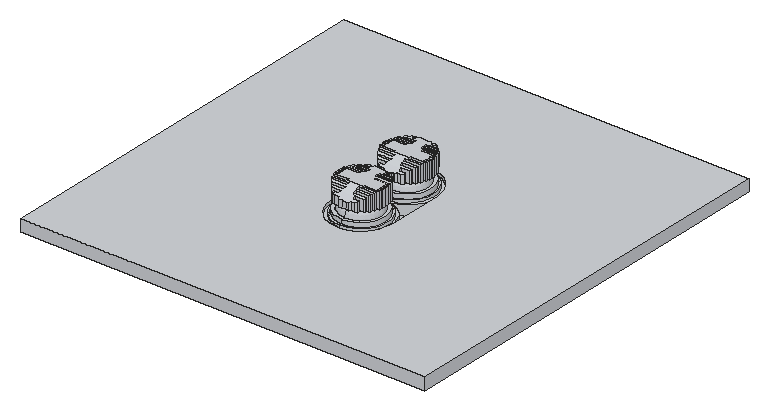
Revit family "Quinta-C100-Round-Double", category Lighting Fixtures, Revit 2014
Parameters (values of type "Quinta C100 Round Double")
  Wattage Comments = "8.3 (each)"
  Wattage = 8.3 W
  built-in parameter 1150110 = 1 (stored number, unit not read)
  Type Comments = "Recessed"
  Type = "Recessed Downlighter"
  built-in parameter 1114217 = 1 (stored number, unit not read)
  built-in parameter 1150109 = 1 (stored number, unit not read)
  built-in parameter 1150134 = (empty or 0)
  built-in parameter 1150113 = 1 (stored number, unit not read)
  Light Source Symbol Size = 609.6 mm
  Dimension (mm) = "186 x 100"
  Model = "Quinta C100 Round Double"
  Manufacturer = "Designed Architectural Lighting"
  Luminous flux of luminaire (lm) = "Up to 1051 lumens (each)"
  Lumens = 1049.95 lm
  built-in parameter 1150115 = 1 (stored number, unit not read)
  built-in parameter 1150105 = 334.21 (stored number, unit not read)
  built-in parameter 1150137 = (empty or 0)
  built-in parameter 1150139 = (empty or 0)
  built-in parameter 1150112 = 1 (stored number, unit not read)
  built-in parameter 1150114 = 1 (stored number, unit not read)
  Lamp = "LED"
  built-in parameter 1150132 = (empty or 0)
  built-in parameter 1150102 = (empty or 0)
  built-in parameter 1150138 = (empty or 0)
  built-in parameter 1150107 = 3000 (stored number, unit not read)
  built-in parameter 1150106 = 3.3421 (stored number, unit not read)
  Height (mm) = "67"
  built-in parameter 1150104 = 11.752 (stored number, unit not read)
  Dimming Lamp Color Temperature Shift = <None>
  Description = "Recessed directional LED downlighter"
  Colour temperature (K) = "2700 / 3000 / 4000"
  Color Filter = 16777215
  CRI = "80"
  built-in parameter 1114218 = 1 (stored number, unit not read)
  built-in parameter 1150133 = 10 (stored number, unit not read)
  Apparent Load = 8.3 VA
Reference planes
  plane 1 "Light Source Axis (F/B)": y = 0
  plane 2: z = 0
  plane 3 "Light Source Axis (L/R)": x = 0
  plane 4 "Light Source Elevation": z = 0
Forms (mm)
  Extrusion 1, solid
    sketch origin (-38.915, -66.181, 0) x (1, 0, 0) y (0, 1, 0)
      loop
        line (-261.085, 366.181) -> (-261.085, -233.819) -> (338.915, -233.819) -> (338.915, 366.181) -> (-261.085, 366.181)
      loop
        arc (-6.085, 23.681) -> (38.915, -21.319) -> (83.915, 23.681) r 45
        line (83.915, 23.681) -> (83.915, 108.681)
        arc (83.915, 108.681) -> (38.915, 153.681) -> (-6.085, 108.681) r 45
        line (-6.085, 108.681) -> (-6.085, 23.681)
    from 0 to 18
  Revolve 2, solid
    sketch origin (0, 42.615, 9.851) x (0, 1, 0) y (0, 0, 1)
      loop
        line (23.648, 29.403) -> (23.648, 5.332) -> (22.618, 4.737) -> (22.618, 1.504) -> (20.518, 1.504) -> (20.518, -0.401) -> (25.518, -0.401)
        arc (25.518, -0.401) -> (26.254, -0.22) -> (26.779, 0.327) r 1.359
        arc (26.779, 0.327) -> (29.626, 15.34) -> (23.648, 29.403) r 26.302
      loop
        arc (6.307, 31.652) -> (13.745, 17.066) -> (19.647, 1.795) r 159.428
        line (19.647, 1.795) -> (22.351, 1.795) -> (22.351, 3.53) -> (20.518, 3.53)
        arc (20.518, 3.53) -> (19.971, 3.756) -> (19.745, 4.303) r 0.773
        arc (19.745, 4.303) -> (14.543, 18.233) -> (8.136, 31.652) r 168.987
        line (8.136, 31.652) -> (6.307, 31.652)
      axis (0, 31.652) -> (0, -0.401)
    angle from 0 to 360
  Revolve 3, solid
    sketch origin (0, 44.177, 2.039) x (0, 1, 0) y (0, 0, 1)
      loop
        line (32.277, -4.238) -> (32.277, -1.562) -> (42.195, -1.563) -> (42.195, 13.144) -> (37.99, 13.144) -> (37.99, 16.902) -> (35.753, 16.902) -> (35.753, 15.244) -> (33.991, 15.244) -> (33.991, 22.55) -> (28.991, 22.55) -> (28.991, 12.55) -> (27.463, 12.55)
        arc (27.463, 12.55) -> (30.836, 4.433) -> (32.277, -4.238) r 38.453
      axis (-1.25, 22.55) -> (-1.25, -4.238)
    angle from 0 to 360
  Revolve 4, solid
    sketch origin (0, 42.615, 24.226) x (0, 1, 0) y (0, 0, 1)
      loop
        line (0, 17.258) -> (15, 17.258) -> (15, 20.342) -> (0, 20.342) -> (0, 17.258)
      axis (0, 20.342) -> (0, 17.258)
    angle from 0 to 360
  Extrusion 5, solid
    sketch origin (-134.655, 42.615, 0) x (1, 0, 0) y (0, 1, 0)
      loop
        line (137.741, 33.016) -> (133.896, 33.016) -> (128.121, 33.016) -> (126.853, 31.748) -> (121.853, 31.748) -> (117.155, 30.037) -> (117.155, 29.216) -> (124.321, 29.216) -> (124.321, 26.255) -> (112.585, 26.255) -> (110.97, 24.64) -> (110.97, 23.63) -> (128.13, 23.63) -> (128.13, 20.669) -> (107.74, 20.669) -> (106.495, 19.424) -> (106.495, 18.381) -> (128.13, 18.381) -> (128.13, 15.488) -> (104.981, 15.488) -> (104.106, 15.488) -> (104.106, 12.46) -> (123.689, 12.46) -> (123.689, 9.633) -> (102.761, 9.633) -> (101.818, 9.633) -> (101.818, 7.413) -> (106.495, 7.413) -> (106.495, 4.25) -> (100.944, 4.25) -> (100.944, 1.424) -> (105.944, 1.424) -> (105.944, -1.604) -> (100.944, -1.604) -> (100.944, -3.997) -> (105.944, -3.997) -> (105.944, -7.272) -> (101.818, -7.272) -> (101.818, -9.508) -> (123.689, -9.508) -> (123.689, -13.008) -> (104.106, -13.008) -> (104.106, -15.296) -> (128.13, -15.296) -> (128.13, -18.189) -> (106.495, -18.189) -> (106.495, -19.23) -> (108.15, -20.885) -> (128.13, -20.885) -> (128.13, -23.693) -> (110.958, -23.693) -> (110.958, -24.678) -> (112.459, -26.178) -> (125.077, -26.178) -> (125.077, -29.146) -> (117.128, -29.146) -> (117.128, -30.167) -> (120.985, -31.965) -> (127.151, -31.965) -> (128.408, -33.223) -> (132.466, -33.223) -> (139.171, -33.223) -> (143.228, -33.223) -> (144.486, -31.965) -> (150.652, -31.965) -> (154.509, -30.167) -> (154.509, -29.146) -> (146.56, -29.146) -> (146.56, -26.178) -> (159.178, -26.178) -> (160.679, -24.678) -> (160.679, -23.693) -> (143.507, -23.693) -> (143.507, -20.885) -> (163.487, -20.885) -> (165.142, -19.23) -> (165.142, -18.189) -> (143.507, -18.189) -> (143.507, -15.296) -> (167.53, -15.296) -> (167.53, -13.008) -> (147.948, -13.008) -> (147.948, -9.508) -> (169.818, -9.508) -> (169.818, -7.272) -> (165.693, -7.272) -> (165.693, -3.997) -> (170.693, -3.997) -> (170.693, -1.604) -> (165.693, -1.604) -> (165.693, 1.424) -> (170.693, 1.424) -> (170.693, 4.25) -> (165.142, 4.25) -> (165.142, 7.413) -> (169.818, 7.413) -> (169.818, 9.633) -> (168.876, 9.633) -> (147.948, 9.633) -> (147.948, 12.46) -> (167.53, 12.46) -> (167.53, 15.488) -> (166.656, 15.488) -> (143.507, 15.488) -> (143.507, 18.381) -> (165.142, 18.381) -> (165.142, 19.424) -> (163.897, 20.669) -> (143.507, 20.669) -> (143.507, 23.63) -> (160.667, 23.63) -> (160.667, 24.64) -> (159.052, 26.255) -> (147.316, 26.255) -> (147.316, 29.216) -> (154.482, 29.216) -> (154.482, 30.037) -> (149.784, 31.748) -> (144.784, 31.748) -> (143.515, 33.016) -> (137.741, 33.016)
    from 38.778 to 62.945
  Extrusion 6, void
    sketch origin (0, 42.615, 0.164) x (0, 1, 0) y (0, 0, 1)
      loop
        line (-1.593, 64.492) -> (-1.593, 65.51) -> (-35.799, 65.51) -> (-35.799, 45.51)
        arc (-35.799, 45.51) -> (-20.941, 59.046) -> (-1.593, 64.492) r 43.666
    from -36.333 to 39.554
  Extrusion 7, void
    sketch origin (0, 42.615, 0.476) x (0, 1, 0) y (0, 0, 1)
      loop
        line (33.846, 38.172) -> (33.846, 50.633) -> (31.273, 49.433)
        arc (31.273, 49.433) -> (28.183, 45.18) -> (23.183, 43.555) r 8.507
        line (23.183, 43.555) -> (15.488, 43.555) -> (15.488, 38.172) -> (33.846, 38.172)
    from -36.333 to 36.038
  Extrusion 8, solid
    sketch origin (0, 42.615, 0) x (1, 0, 0) y (0, 1, 0)
      loop
        line (20.92, 1.153) -> (20.92, -1.157) -> (23.774, -1.157) -> (23.774, 1.153) -> (20.92, 1.153)
    from 7.008 to 8.974
  Extrusion 9, solid
    sketch origin (-54.673, 42.615, 0) x (1, 0, 0) y (0, 1, 0)
      loop
        line (30.708, 1.153) -> (30.708, -1.157) -> (33.799, -1.157) -> (33.799, 1.153) -> (30.708, 1.153)
    from 7.008 to 8.974
  Extrusion 10, solid
    sketch origin (0, 42.927, 0) x (1, 0, 0) y (0, 1, 0)
      loop
        line (-50.099, -65.861) -> (-50.099, -85.626)
        arc (-50.099, -85.626) -> (-0.099, -135.626) -> (49.901, -85.626) r 50
        line (49.901, -85.626) -> (49.901, -5.861) -> (49.901, -0.603)
        arc (49.901, -0.603) -> (-0.099, 49.397) -> (-50.099, -0.603) r 50
        line (-50.099, -0.603) -> (-50.099, -5.861) -> (-50.099, -65.861)
      loop
        circle (0, 0.072) r 34
      loop
        circle (0, -85.584) r 33.539
    from 0 to -2.675
  Revolve 11, solid
    sketch origin (0, -43.01, 9.851) x (0, 1, 0) y (0, 0, 1)
      loop
        line (23.648, 29.403) -> (23.648, 5.332) -> (22.618, 4.737) -> (22.618, 1.504) -> (20.518, 1.504) -> (20.518, -0.401) -> (25.518, -0.401)
        arc (25.518, -0.401) -> (26.254, -0.22) -> (26.779, 0.327) r 1.359
        arc (26.779, 0.327) -> (29.626, 15.34) -> (23.648, 29.403) r 26.302
      loop
        arc (6.307, 31.652) -> (13.745, 17.066) -> (19.647, 1.795) r 159.428
        line (19.647, 1.795) -> (22.351, 1.795) -> (22.351, 3.53) -> (20.518, 3.53)
        arc (20.518, 3.53) -> (19.971, 3.756) -> (19.745, 4.303) r 0.773
        arc (19.745, 4.303) -> (14.543, 18.233) -> (8.136, 31.652) r 168.987
        line (8.136, 31.652) -> (6.307, 31.652)
      axis (0, 31.652) -> (0, -0.401)
    angle from 0 to 360
  Revolve 12, solid
    sketch origin (0, -41.448, 2.039) x (0, 1, 0) y (0, 0, 1)
      loop
        line (32.277, -4.238) -> (32.277, -1.562) -> (42.195, -1.563) -> (42.195, 13.144) -> (37.99, 13.144) -> (37.99, 16.902) -> (35.753, 16.902) -> (35.753, 15.244) -> (33.991, 15.244) -> (33.991, 22.55) -> (28.991, 22.55) -> (28.991, 12.55) -> (27.463, 12.55)
        arc (27.463, 12.55) -> (30.836, 4.433) -> (32.277, -4.238) r 38.453
      axis (-1.25, 22.55) -> (-1.25, -4.238)
    angle from 0 to 360
  Revolve 13, solid
    sketch origin (0, -43.01, 24.226) x (0, 1, 0) y (0, 0, 1)
      loop
        line (0, 17.258) -> (15, 17.258) -> (15, 20.342) -> (0, 20.342) -> (0, 17.258)
      axis (0, 20.342) -> (0, 17.258)
    angle from 0 to 360
  Extrusion 14, solid
    sketch origin (-134.655, -43.01, 0) x (1, 0, 0) y (0, 1, 0)
      loop
        line (137.741, 33.016) -> (133.896, 33.016) -> (128.121, 33.016) -> (126.853, 31.748) -> (121.853, 31.748) -> (117.155, 30.037) -> (117.155, 29.216) -> (124.321, 29.216) -> (124.321, 26.255) -> (112.585, 26.255) -> (110.97, 24.64) -> (110.97, 23.63) -> (128.13, 23.63) -> (128.13, 20.669) -> (107.74, 20.669) -> (106.495, 19.424) -> (106.495, 18.381) -> (128.13, 18.381) -> (128.13, 15.488) -> (104.981, 15.488) -> (104.106, 15.488) -> (104.106, 12.46) -> (123.689, 12.46) -> (123.689, 9.633) -> (102.761, 9.633) -> (101.818, 9.633) -> (101.818, 7.413) -> (106.495, 7.413) -> (106.495, 4.25) -> (100.944, 4.25) -> (100.944, 1.424) -> (105.944, 1.424) -> (105.944, -1.604) -> (100.944, -1.604) -> (100.944, -3.997) -> (105.944, -3.997) -> (105.944, -7.272) -> (101.818, -7.272) -> (101.818, -9.508) -> (123.689, -9.508) -> (123.689, -13.008) -> (104.106, -13.008) -> (104.106, -15.296) -> (128.13, -15.296) -> (128.13, -18.189) -> (106.495, -18.189) -> (106.495, -19.23) -> (108.15, -20.885) -> (128.13, -20.885) -> (128.13, -23.693) -> (110.958, -23.693) -> (110.958, -24.678) -> (112.459, -26.178) -> (125.077, -26.178) -> (125.077, -29.146) -> (117.128, -29.146) -> (117.128, -30.167) -> (120.985, -31.965) -> (127.151, -31.965) -> (128.408, -33.223) -> (132.466, -33.223) -> (139.171, -33.223) -> (143.228, -33.223) -> (144.486, -31.965) -> (150.652, -31.965) -> (154.509, -30.167) -> (154.509, -29.146) -> (146.56, -29.146) -> (146.56, -26.178) -> (159.178, -26.178) -> (160.679, -24.678) -> (160.679, -23.693) -> (143.507, -23.693) -> (143.507, -20.885) -> (163.487, -20.885) -> (165.142, -19.23) -> (165.142, -18.189) -> (143.507, -18.189) -> (143.507, -15.296) -> (167.53, -15.296) -> (167.53, -13.008) -> (147.948, -13.008) -> (147.948, -9.508) -> (169.818, -9.508) -> (169.818, -7.272) -> (165.693, -7.272) -> (165.693, -3.997) -> (170.693, -3.997) -> (170.693, -1.604) -> (165.693, -1.604) -> (165.693, 1.424) -> (170.693, 1.424) -> (170.693, 4.25) -> (165.142, 4.25) -> (165.142, 7.413) -> (169.818, 7.413) -> (169.818, 9.633) -> (168.876, 9.633) -> (147.948, 9.633) -> (147.948, 12.46) -> (167.53, 12.46) -> (167.53, 15.488) -> (166.656, 15.488) -> (143.507, 15.488) -> (143.507, 18.381) -> (165.142, 18.381) -> (165.142, 19.424) -> (163.897, 20.669) -> (143.507, 20.669) -> (143.507, 23.63) -> (160.667, 23.63) -> (160.667, 24.64) -> (159.052, 26.255) -> (147.316, 26.255) -> (147.316, 29.216) -> (154.482, 29.216) -> (154.482, 30.037) -> (149.784, 31.748) -> (144.784, 31.748) -> (143.515, 33.016) -> (137.741, 33.016)
    from 38.778 to 62.945
  Extrusion 15, void
    sketch origin (0, -43.01, 0.164) x (0, 1, 0) y (0, 0, 1)
      loop
        line (-1.593, 64.492) -> (-1.593, 65.51) -> (-35.799, 65.51) -> (-35.799, 45.51)
        arc (-35.799, 45.51) -> (-20.941, 59.046) -> (-1.593, 64.492) r 43.666
    from -36.333 to 39.554
  Extrusion 16, void
    sketch origin (0, -43.01, 0.476) x (0, 1, 0) y (0, 0, 1)
      loop
        line (33.846, 38.172) -> (33.846, 50.633) -> (31.273, 49.433)
        arc (31.273, 49.433) -> (28.183, 45.18) -> (23.183, 43.555) r 8.507
        line (23.183, 43.555) -> (15.488, 43.555) -> (15.488, 38.172) -> (33.846, 38.172)
    from -36.333 to 36.038
  Extrusion 17, solid
    sketch origin (0, -43.01, 0) x (1, 0, 0) y (0, 1, 0)
      loop
        line (20.92, 1.153) -> (20.92, -1.157) -> (23.774, -1.157) -> (23.774, 1.153) -> (20.92, 1.153)
    from 7.008 to 8.974
  Extrusion 18, solid
    sketch origin (-54.673, -43.01, 0) x (1, 0, 0) y (0, 1, 0)
      loop
        line (30.708, 1.153) -> (30.708, -1.157) -> (33.799, -1.157) -> (33.799, 1.153) -> (30.708, 1.153)
    from 7.008 to 8.974
Cuts and joins
  Extrusion 6, Extrusion 7, Extrusion 15, Extrusion 16 cuts Extrusion 5
  Extrusion 15 cuts Extrusion 14
  Extrusion 16 cuts Revolve 2
  Extrusion 16 cuts Revolve 11
Dimensions and locks
  aligned and locked: plane 3 "Light Source Axis (L/R)" to imposter light
  aligned and locked: plane 1 "Light Source Axis (F/B)" to imposter light
  aligned and locked: plane 4 "Light Source Elevation" to imposter light
  aligned and locked: level to plane 2
